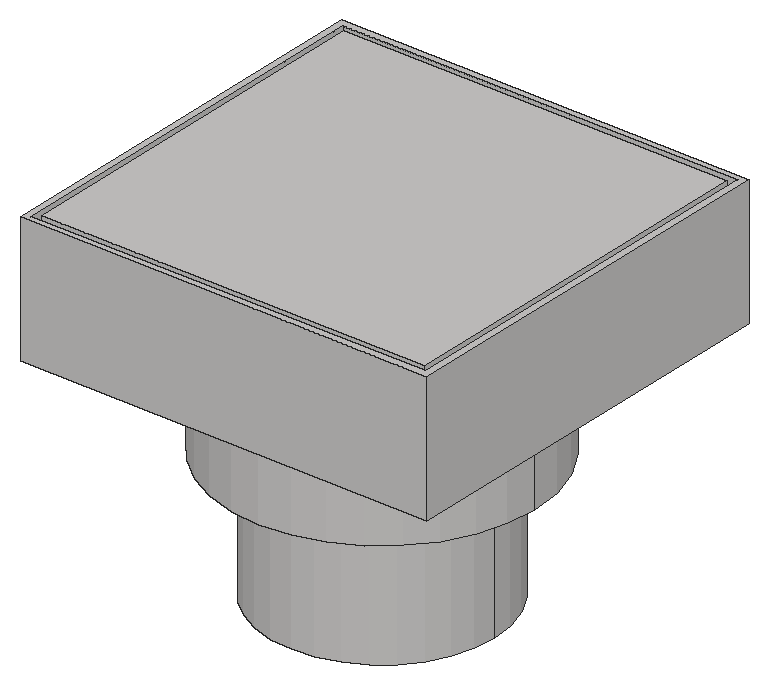
Revit family "Cleanout-Square_Industrial_Floor-Zurn-Z1840-6S", category Plumbing Fixtures, Revit 2022
Family settings
  Round Connector Dimension = Use Radius
  Part Type = Normal
  OmniClass Number = 23.45.55.21
  OmniClass Title = Drains (Wastes)
  Work Plane-Based = No
  Always vertical = Yes
  Cut with Voids When Loaded = No
  Maintain Annotation Orientation = No
  Shared = No
  Room Calculation Point = No
Parameters (values of type "Load Family Type Catalog")
  Vent Connection = 1 = 0  # no
  HW Connection = 1 = 0  # no
  Drain Radius = 3.313"
  CW Connection = 1 = 0  # no
  Waste Connection = 1 = 1  # yes
  WFU = 0  # constant formula
  URL = "www.zurn.com"
  Type Comments = "Z1840-6S with 3 inch Butt-Weld Outlet"
  Product data url = "https://www.bimobject.com/en-us/zurnindustries/product/z1840-6-industrial-sanitary-cleanout"
  Product Page URL = "https://www.zurn.com/products/drainage-interceptors/stainless-drains/stainless-cleanouts/z1840-6s"
  Product Documentation Link = "https://files.zurn.com/spec-sheets/z1840-6s.pdf"
  Pipe Size 'A' (Outer Diameter) = 3.500"
  Pipe Size 'A' (Nominal Radius) = [Pipe Size 'A' (Nominal Diameter)] / 2  # 1.500"
  Pipe Size 'A' (Nominal Diameter) = 3.000"
  Pipe Size 'A' (Inner Radius) = [Pipe Size 'A' (Inner Diameter)] / 2  # 1.534"
  Pipe Size 'A' (Outer Radius) = [Pipe Size 'A' (Outer Diameter)] / 2  # 1.750"
  Pipe Size 'A' (Inner Diameter) = 3.068"
  Modified Date = "11/06/25"  # constant formula
  Model = "Z1840-6S"
  Manufacurer Brand = "Zurn"  # constant formula
  Manufacturer = "Zurn Water, LLC"  # constant formula
  Main Material = Steel - Zurn- Stainless - Type - 304
  HWFU = 0  # constant formula
  Description = "6 INCH SQUARE INDUSTRIAL FLOOR CLEANOUT"  # constant formula
  Default Elevation = 0.000"
  Date Created = "09/24/13"  # constant formula
  CWFU = 0  # constant formula
  Assembly Code = "D2030300"
  Approx. Weight (Lbs) = 10.000"
Reference planes (in)
  plane 1 "Center (Front/Back)": y = 0
  plane 2: z = 0
  plane 3 "Center (Left/Right)": x = 0
  plane 4: x = 3.10938
  plane 5: x = -3.10938
  plane 6: z = -0.563
  plane 7: z = -5.5
  plane 8: z = -2
  plane 9: z = -3.5
  plane 10: x = -2.375
  plane 11: x = 2.375
  plane 12: x = 1.75
  plane 13: x = 1.534
  plane 14: x = 3.125
  plane 15: x = 3.188
  plane 16: y = 1.5
  plane 17: y = -1.5
  plane 18: x = -1.5
  plane 19: x = 1.5
  plane 20: y = 3.109
  plane 21: y = -3.109
Forms (in)
  Revolve 1, solid, material "Steel - Zurn- Stainless - Type - 304" <- "Main Material", detail levels fine
    sketch origin (0, 0, 0) x (1, 0, 0) y (0, 0, 1)
      loop
        line (0, -2) -> (0, -3.5) -> (1.534, -3.5) -> (1.534, -5.5) -> (1.75, -5.5) -> (1.75, -3.5) -> (2.375, -3.5) -> (2.375, -2) -> (0, -2)
      axis (0, -5.5) -> (0, -2)
    angle from 0 to 360
  Extrusion 2, solid, material "Steel - Zurn- Stainless - Type - 304" <- "Main Material", detail levels fine
    sketch origin (0, 0, 0) x (1, 0, 0) y (0, 1, 0)
      loop
        line (-3.10937, 3.109) -> (-3.10937, -3.109) -> (3.188, -3.109) -> (3.188, 3.109) -> (-3.10937, 3.109)
    from 0 to -2
  Extrusion 3, void
    sketch origin (0, 0, 0) x (1, 0, 0) y (0, 1, 0)
      loop
        line (-3.01562, 3.01525) -> (-3.01562, -3.01525) -> (3.09425, -3.01525) -> (3.09425, 3.01525) -> (-3.01562, 3.01525)
      loop
        line (-2.92162, 2.92125) -> (-2.92162, -2.92125) -> (3.00025, -2.92125) -> (3.00025, 2.92125) -> (-2.92162, 2.92125)
    from 0 to -0.563
Cuts and joins
  Extrusion 3 cuts Extrusion 2
Lines and regions (in)
  Masking region 1, detail levels fine
    outline origin (0, 0, 0) x (1, 0, 0) y (0, 1, 0)
      loop
        line (3.188, 3.109) -> (-3.10937, 3.109) -> (-3.10937, -3.109) -> (3.188, -3.109) -> (3.188, 3.109)
  model lines, detail levels coarse+medium
    curve 1: line (0, 0, 0) -> (0, 0, -5.5)
    curve 2: line (-1.5, 0, -5.5) -> (1.5, 0, -5.5)
    curve 3: line (0, 1.5, -5.5) -> (0, -1.5, -5.5)
    curve 4: line (-3.10937, 3.109, 0) -> (3.188, 3.109, 0)
    curve 5: line (-3.10937, -3.109, 0) -> (-3.10937, 3.109, 0)
    curve 6: line (3.188, -3.109, 0) -> (-3.10937, -3.109, 0)
    curve 7: line (3.188, 3.109, 0) -> (3.188, -3.109, 0)
Dimensions and locks (in)
  equal spacing: plane 4, plane 3 "Center (Left/Right)", plane 5, locked at 3.10937 each
  locked: plane 4 to plane 5 at 6.21875
  locked: plane 6 to level at 0.563
  locked: plane 8 to level at 2
  locked: plane 9 to plane 8 at 1.5
  locked: plane 7 to level at 5.5
  equal spacing: plane 11, plane 3 "Center (Left/Right)", plane 10, locked at 2.375 each
  locked: plane 11 to plane 10 at 4.75
  "Pipe Size 'A' (Inner Radius)": plane 13 to plane 3 "Center (Left/Right)"
  "Pipe Size 'A' (Outer Radius)": plane 12 to plane 3 "Center (Left/Right)"
  locked: plane 14 to plane 3 "Center (Left/Right)" at 3.125
  locked: plane 15 to plane 3 "Center (Left/Right)" at 3.188
  "Pipe Size 'A' (Nominal Radius)": plane 17 to plane 1 "Center (Front/Back)" to plane 16
  "Pipe Size 'A' (Nominal Radius)": plane 19 to plane 3 "Center (Left/Right)" to plane 18
  locked: plane 5 to Extrusion 3 sketch curve at 0.09375
  locked: Extrusion 3 sketch curve to plane 20 at 0.09375
  locked: Extrusion 3 sketch curve to plane 15 at 0.09375
  locked: plane 21 to Extrusion 3 sketch curve at 0.09375
  aligned and locked: plane 2 to level
  aligned and locked: Revolve 1 sketch curve to plane 8
  aligned and locked: Revolve 1 sketch curve to plane 9
  aligned and locked: Revolve 1 sketch curve to plane 7
  aligned and locked: plane 12 to Revolve 1 sketch curve
  aligned and locked: Revolve 1 sketch curve to plane 13
  aligned and locked: level to curve 1
  aligned and locked: plane 3 "Center (Left/Right)" to curve 1
  aligned and locked: plane 7 to curve 1
  aligned and locked: plane 19 to curve 2
  aligned and locked: plane 18 to curve 2
  aligned and locked: plane 1 "Center (Front/Back)" to curve 2
  aligned and locked: plane 17 to curve 3
  aligned and locked: plane 16 to curve 3
  aligned and locked: curve 3 to plane 3 "Center (Left/Right)"
  aligned and locked: Revolve 1 sketch curve to Revolve 1 sketch curve
  aligned and locked: plane 20 to curve 4
  aligned and locked: curve 7 to plane 15
  aligned and locked: plane 5 to curve 5
  aligned and locked: curve 6 to plane 21
  aligned and locked: plane 20 to Extrusion 2 sketch curve
  aligned and locked: plane 5 to Extrusion 2 sketch curve
  aligned and locked: Extrusion 2 sketch curve to plane 15
  aligned and locked: Extrusion 2 sketch curve to plane 21
  aligned and locked: level to Extrusion 2
  aligned and locked: Extrusion 2 to Revolve 1
  aligned and locked: Extrusion 3 to level
  aligned and locked: Extrusion 3 to plane 6
  aligned and locked: Masking region 1 sketch curve to cut or joined group of Extrusion 2, Extrusion 3  (x4)
Automatic sketch dimensions
  Revolve 1 sketch curve to plane 3 "Center (Left/Right)" = 0.000"
  Revolve 1 sketch curve to plane 11 = 0.000"
  Revolve 1 sketch curve to plane 9 = 0.000"
  Revolve 1 sketch curve to plane 8 = 0.000"
  Revolve 1 sketch curve to plane 7 = 18.500"
  Extrusion 3 sketch curve to Extrusion 3 sketch curve = 0.094"  (x4)
Connectors (in)
  piping at (0, 0, -5.5), diameter 3, driven by "Pipe Size 'A' (Nominal Radius)", driven by "Waste Connection"
    settings: on Revolve 1, index 1, connector inside diameter 24", connector length 0.000", flow factor 0, pipe flow 0 GPM, pressure drop 0.00 psi, fitting loss kfactor 0, connector angle 0.00°, fixture units 0, engagement length 0.000", angle of deflection 0.00°, flow configuration 0, flow direction 2, fitting loss method 0, system type 16, joint type 0, gender type 0, connector reference index -1, connector utility 1, adjustable connector no, is connector primary yes, connector description "Sanitary Outlet"
Types in the file's own list only (8): name | Drain Radius | Type Comments | Pipe Size 'A' (Outer Diameter) | Pipe Size 'A' (Nominal Radius) | Pipe Size 'A' (Nominal Diameter) | Pipe Size 'A' (Inner Radius) | Pipe Size 'A' (Outer Radius) | Pipe Size 'A' (Inner Diameter) | Model | Main Material | Default Elevation | Approx. Weight (Lbs)
  Z1840-6S-3BW | 3.313 " | "Z1840-6S with 3 inch Butt-Weld Outlet" | 3.500 " | 1.500 " | 3.000 " | 1.534 " | 1.750 " | 3.068 " | "Z1840-6S" | Steel - Zurn- Stainless - Type - 304 | 0.000 " | 10.000 "
  Z1840-6S-4BW | 3.313 " | "Z1840-6S with 4 inch Butt-Weld Outlet" | 4.500 " | 2.000 " | 4.000 " | 2.013 " | 2.250 " | 4.026 " | "Z1840-6S" | Steel - Zurn- Stainless - Type - 304 | 0.000 " | 10.000 "
  Z1840-6S-3NH | 3.313 " | "Z1840-6S with 3 inch No-Hub Outlet" | 3.500 " | 1.500 " | 3.000 " | 1.534 " | 1.750 " | 3.068 " | "Z1840-6S" | Steel - Zurn- Stainless - Type - 304 | 0.000 " | 10.000 "
  Z1840-6S-4NH | 3.313 " | "Z1840-6S with 4 inch No-Hub Outlet" | 4.500 " | 2.000 " | 4.000 " | 2.013 " | 2.250 " | 4.026 " | "Z1840-6S" | Steel - Zurn- Stainless - Type - 304 | 0.000 " | 10.000 "
  ZM1840-6B-3BW | 3.313 " | "ZM1840-6S with 3 inch Butt-Weld Outlet" | 3.500 " | 1.500 " | 3.000 " | 1.534 " | 1.750 " | 3.068 " | "ZM1840-6S" | Steel - Zurn- Stainless - Type - 316 | 0.000 " | 10.000 "
  ZM1840-6B-4BW | 3.313 " | "ZM1840-6S with 4 inch Butt-Weld Outlet" | 4.500 " | 2.000 " | 4.000 " | 2.013 " | 2.250 " | 4.026 " | "ZM1840-6S" | Steel - Zurn- Stainless - Type - 316 | 0.000 " | 10.000 "
  ZM1840-6B-3NH | 3.313 " | "ZM1840-6S with 3 inch No-Hub Outlet" | 3.500 " | 1.500 " | 3.000 " | 1.534 " | 1.750 " | 3.068 " | "ZM1840-6S" | Steel - Zurn- Stainless - Type - 316 | 0.000 " | 10.000 "
  ZM1840-6B-4NH | 3.313 " | "ZM1840-6S with 4 inch No-Hub Outlet" | 4.500 " | 2.000 " | 4.000 " | 2.013 " | 2.250 " | 4.026 " | "ZM1840-6S" | Steel - Zurn- Stainless - Type - 316 | 0.000 " | 10.000 "
